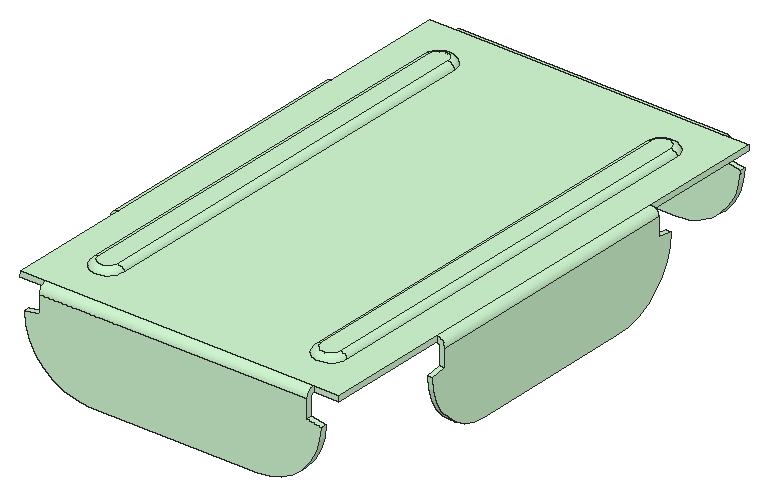
Revit family "クロスジョイントWW", category 機械設備, Revit 2020
Family settings
  丸型コネクタ寸法 = 直径を使用
  種別 = なし
  パーツ タイプ = 標準
  作業面ベース = いいえ
  常に垂直 = はい
  ロード時にボイドで切り取り = いいえ
  共有 = いいえ
  部屋計算ポイント = いいえ
Parameters
  製造元 = "株式会社桐井製作所"
  既定の高さ = 0 mm
  URL = "https://www.kirii.co.jp/"
  K_品名 = "クロスジョイントWW"
  K_名称 = "特殊ジョイント"
  K_入数 = "250"
  K_バージョン情報 = "20211012"
Reference planes
  plane 1 "中心(正面/背面)": y = 0
  plane 2: z = 0
  plane 3 "中心(左/右)": x = 0
Forms (mm)
  Extrusion 1, solid
    sketch origin (0, 0, 0) x (-1, 0, 0) y (0, 0, 1)
      loop
        arc (24.7, 0) -> (25.054, -0.146) -> (25.2, -0.5) r 0.5
        line (25.2, -0.5) -> (25.2, -13.4) -> (26, -13.4) -> (26, -0.5)
        arc (26, -0.5) -> (25.619, 0.419) -> (24.7, 0.8) r 1.3
        line (24.7, 0.8) -> (-24.7, 0.8)
        arc (-24.7, 0.8) -> (-25.619, 0.419) -> (-26, -0.5) r 1.3
        line (-26, -0.5) -> (-26, -13.4) -> (-25.2, -13.4) -> (-25.2, -0.5)
        arc (-25.2, -0.5) -> (-25.054, -0.146) -> (-24.7, 0) r 0.5
        line (-24.7, 0) -> (24.7, 0)
    from -39.8 to 39.8
  Extrusion 2, solid
    sketch origin (0, -0.031, 0) x (0, 1, 0) y (0, 0, 1)
      loop
        line (-39.769, 0) -> (-39.769, 0.8)
        arc (-39.769, 0.8) -> (-40.688, 0.419) -> (-41.069, -0.5) r 1.3
        line (-41.069, -0.5) -> (-41.069, -13.4) -> (-40.269, -13.4) -> (-40.269, -0.5)
        arc (-40.269, -0.5) -> (-40.122, -0.146) -> (-39.769, 0) r 0.5
    from -28.5 to 28.5
  Extrusion 3, void
    sketch origin (0, 7.047, -20.4) x (-1, 0, 0) y (0, 0, 1)
      loop
        arc (-13.1, 7) -> (-20.1, 9.859) -> (-23.098, 16.8) r 10
        line (-23.098, 16.8) -> (-20.8, 17.2) -> (-20.8, 21.2) -> (-28.5, 21.2) -> (-28.5, 7) -> (-13.1, 7)
    from -48.4 to -46.543
  Extrusion 4, void
    sketch origin (0, 7.047, -20.4) x (1, 0, 0) y (0, 0, -1)
      loop
        line (-20.8, -17.2) -> (-23.098, -16.8)
        arc (-23.098, -16.8) -> (-20.1, -9.859) -> (-13.1, -7) r 10
        line (-13.1, -7) -> (-28.5, -7) -> (-28.5, -21.2) -> (-20.8, -21.2) -> (-20.8, -17.2)
    from -48.4 to -46.543
  Extrusion 5, solid
    sketch origin (0, 0.031, 0) x (0, -1, 0) y (0, 0, -1)
      loop
        line (-40.269, 0.5) -> (-40.269, 13.4) -> (-41.069, 13.4) -> (-41.069, 0.5)
        arc (-41.069, 0.5) -> (-40.688, -0.419) -> (-39.769, -0.8) r 1.3
        line (-39.769, -0.8) -> (-39.769, 0)
        arc (-39.769, 0) -> (-40.122, 0.146) -> (-40.269, 0.5) r 0.5
    from -28.5 to 28.5
  Extrusion 6, void
    sketch origin (0, -7.113, -20.4) x (-1, 0, 0) y (0, 0, -1)
      loop
        line (-20.8, -17.2) -> (-23.098, -16.8)
        arc (-23.098, -16.8) -> (-20.1, -9.859) -> (-13.1, -7) r 10
        line (-13.1, -7) -> (-28.5, -7) -> (-28.5, -21.2) -> (-20.8, -21.2) -> (-20.8, -17.2)
    from -48.4 to -46.543
  Extrusion 7, void
    sketch origin (0, -7.113, -20.4) x (1, 0, 0) y (0, 0, 1)
      loop
        line (-23.098, 16.8) -> (-20.8, 17.2) -> (-20.8, 21.2) -> (-28.5, 21.2) -> (-28.5, 7) -> (-13.1, 7)
        arc (-13.1, 7) -> (-20.1, 9.859) -> (-23.098, 16.8) r 10
    from -48.4 to -46.543
  Extrusion 8, void
    sketch origin (3.452, 0, 0) x (0, 1, 0) y (0, 0, 1)
      loop
        line (-20.8, -3.2) -> (-20.8, 0.8) -> (-41.1, 0.8) -> (-41.1, -13.4) -> (-13.1, -13.4)
        arc (-13.1, -13.4) -> (-20.1, -10.541) -> (-23.098, -3.6) r 10
        line (-23.098, -3.6) -> (-20.8, -3.2)
    from -30 to -28.252
  Extrusion 9, void
    sketch origin (3.452, 0, 0) x (0, -1, 0) y (0, 0, -1)
      loop
        line (-20.8, -0.8) -> (-20.8, 3.2) -> (-23.098, 3.6)
        arc (-23.098, 3.6) -> (-20.1, 10.541) -> (-13.1, 13.4) r 10
        line (-13.1, 13.4) -> (-41.1, 13.4) -> (-41.1, -0.8) -> (-20.8, -0.8)
    from -30 to -28.252
  Extrusion 10, void
    sketch origin (-3.607, 0, 0) x (0, 1, 0) y (0, 0, -1)
      loop
        line (-20.8, 3.2) -> (-23.098, 3.6)
        arc (-23.098, 3.6) -> (-20.1, 10.541) -> (-13.1, 13.4) r 10
        line (-13.1, 13.4) -> (-41.1, 13.4) -> (-41.1, -0.8) -> (-20.8, -0.8) -> (-20.8, 3.2)
    from -30 to -28.407
  Extrusion 11, void
    sketch origin (-3.607, 0, 0) x (0, -1, 0) y (0, 0, 1)
      loop
        line (-20.8, 0.8) -> (-41.1, 0.8) -> (-41.1, -13.4) -> (-13.1, -13.4)
        arc (-13.1, -13.4) -> (-20.1, -10.541) -> (-23.098, -3.6) r 10
        line (-23.098, -3.6) -> (-20.8, -3.2) -> (-20.8, 0.8)
    from -30 to -28.407
  Extrusion 12, solid
    sketch origin (0, 0, 0) x (1, 0, 0) y (0, 0, 1)
      loop
        arc (-18.8, 1.6) -> (-19.426, 1.357) -> (-19.8, 0.8) r 1.117
        line (-19.8, 0.8) -> (-14.8, 0.8)
        arc (-14.8, 0.8) -> (-15.174, 1.357) -> (-15.8, 1.6) r 1.117
        line (-15.8, 1.6) -> (-18.8, 1.6)
      loop
        arc (15.8, 1.6) -> (15.174, 1.357) -> (14.8, 0.8) r 1.117
        line (14.8, 0.8) -> (19.8, 0.8)
        arc (19.8, 0.8) -> (19.426, 1.357) -> (18.8, 1.6) r 1.117
        line (18.8, 1.6) -> (15.8, 1.6)
    from -32.1 to 32.1
  Revolve 13, solid
    sketch origin (0, -32.1, 0) x (1, 0, 0) y (0, 0, 1)
      loop
        line (-17.3, 1.6) -> (-18.8, 1.6)
        arc (-18.8, 1.6) -> (-19.426, 1.357) -> (-19.8, 0.8) r 1.117
        line (-19.8, 0.8) -> (-17.3, 0.8) -> (-17.3, 1.6)
      axis (-17.3, 0.8) -> (-17.3, 1.8)
    angle from 0 to 360
  Revolve 14, solid
    sketch origin (0, 32.1, 0) x (1, 0, 0) y (0, 0, 1)
      loop
        line (-17.3, 1.6) -> (-18.8, 1.6)
        arc (-18.8, 1.6) -> (-19.426, 1.357) -> (-19.8, 0.8) r 1.117
        line (-19.8, 0.8) -> (-17.3, 0.8) -> (-17.3, 1.6)
      axis (-17.3, 0.8) -> (-17.3, 1.8)
    angle from 0 to 360
  Revolve 15, solid
    sketch origin (34.6, -32.1, 0) x (1, 0, 0) y (0, 0, 1)
      loop
        line (-17.3, 1.6) -> (-18.8, 1.6)
        arc (-18.8, 1.6) -> (-19.426, 1.357) -> (-19.8, 0.8) r 1.117
        line (-19.8, 0.8) -> (-17.3, 0.8) -> (-17.3, 1.6)
      axis (-17.3, 0.8) -> (-17.3, 1.8)
    angle from 0 to 360
  Revolve 16, solid
    sketch origin (34.6, 32.1, 0) x (1, 0, 0) y (0, 0, 1)
      loop
        line (-17.3, 1.6) -> (-18.8, 1.6)
        arc (-18.8, 1.6) -> (-19.426, 1.357) -> (-19.8, 0.8) r 1.117
        line (-19.8, 0.8) -> (-17.3, 0.8) -> (-17.3, 1.6)
      axis (-17.3, 0.8) -> (-17.3, 1.8)
    angle from 0 to 360
Cuts and joins
  Extrusion 8, Extrusion 9, Extrusion 10, Extrusion 11 cuts Extrusion 1
  Extrusion 3, Extrusion 4, Extrusion 8, Extrusion 9, Extrusion 10, Extrusion 11 cuts Extrusion 2
  Extrusion 6, Extrusion 7, Extrusion 8, Extrusion 9, Extrusion 10, Extrusion 11 cuts Extrusion 5
  joined: Extrusion 1, Extrusion 2, Extrusion 5
  joined: Extrusion 12, Revolve 13, Revolve 14, Revolve 15, Revolve 16
Dimensions and locks
  aligned and locked: level to plane 2
